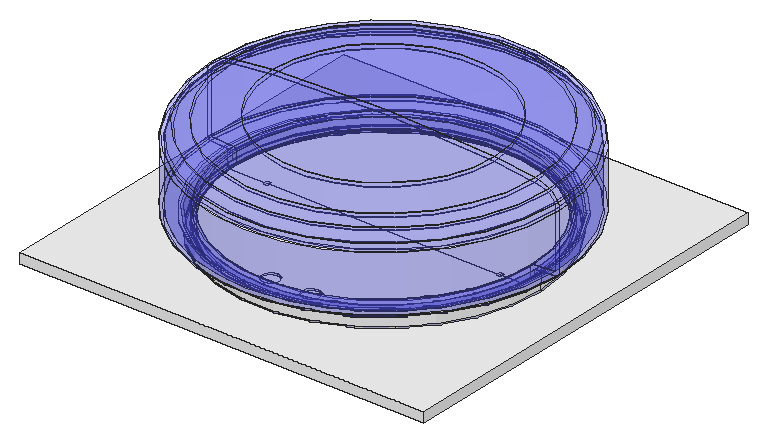
Revit family "BE_50035_de_DE", category Leuchten, Revit 2020
Family settings
  Basisbauteil = Fläche
  Bemaßung runder Anschluss = Durchmesser verwenden
  Teiletyp = Normal
  Beim Laden mit Abzugskörper schneiden = Ja
  Lichtquelle = Ja
  Gemeinsam genutzt = Nein
  Raumberechnungspunkt = Ja
Parameters (values of type "BEGA_50035_K4")
  built-in parameter 1150104 = 11.585 (stored number, unit not read)
  Wattage = 16.8 W
  Default Elevation = 0 mm
  built-in parameter 1150113 = 1 (stored number, unit not read)
  built-in parameter 1114218 = 1 (stored number, unit not read)
  Umgebungstemperatur = "25 °C"
  URL = "https://www.bega.com/de/produkt/50035"
  Typenkommentare = "© 2022 BEGA. Wir behalten uns das Recht vor, technische Änderungen ohne vorherige Ankündigung vorzunehmen."  # constant formula
  built-in parameter 1150134 = (empty or 0)
  built-in parameter 1150109 = 1 (stored number, unit not read)
  Strom = ""
  built-in parameter 1150110 = 1 (stored number, unit not read)
  Spannung = 239.996 V
  Sonderanfertigung = no
  Seriennummer [instance] = "Hier können Sie die eindeutige Seriennummer für das Facility Management eintragen."
  Schutzklasse = "I"
  Schutzart = "IP 20"
  Scheinlast = 0 VA
  Produktdatenblatt = "http://www.bega.de/download/Xrfa/db/50035.db.de.pdf"
  Oberflächentemperatur = ""
  Neigungswinkel = 0.00°
  Model = "50035K2"
  Material_17 = BEGA_Reflektor
  Material_15 = BEGA_Leuchtmedium_matt
  Material_11 = BEGA_Glas_opal
  Material_09 = BEGA_Glas_klar
  Material_06 = BEGA_Oberfläche_Edelstahl_gebürstet
  Material_03 = BEGA_Oberfläche_Weiss_matt
  Material_02 = BEGA_Oberfläche_Silber_matt
  Material_01 [instance] = BEGA_Oberfläche_Grafit_matt
  M_W = no
  M_G = no
  M_A = no
  Logo = 0
  built-in parameter 1114217 = 1 (stored number, unit not read)
  built-in parameter 1150139 = (empty or 0)
  built-in parameter 1150105 = 446.55 (stored number, unit not read)
  built-in parameter 1150114 = 1 (stored number, unit not read)
  Lumens = 2094.96 lm
  built-in parameter 1150115 = 1 (stored number, unit not read)
  Leuchtenlichtstrom = "1277 lm"
  Leuchtenanzahl = ""
  Lebensdauerkriterien = "L70B50 @ 25 °C = 328000 h"
  Lastklassifizierung = Beleuchtung
  built-in parameter 1150112 = 1 (stored number, unit not read)
  Lampenlichtstrom = "2095 lm"
  Lamp = "LED 16.8 W"
  LED_Modulbezeichnung = "LED-0511/927"
  Hersteller = "BEGA"  # constant formula
  Halbstreuwinkel = ""
  Gewicht = "3.25 kg"
  Gebrauchslageneinschränkung [instance] = ""
  Frequenz = "0/50-60 Hz"
  Farbwiedergabeindex = "CRI > 90"
  Farbtemperaturverschiebung bei Dämpfen der Lampe = <Keine Auswahl>
  Farbtemperatur = "2700 K"
  Color Filter = 16777215
  built-in parameter 1150133 = 10 (stored number, unit not read)
  Energieeffizienzklasse = "LED A++ - A"
  built-in parameter 1150137 = (empty or 0)
  built-in parameter 1150132 = (empty or 0)
  ENEC = "ja"
  Dimmbar [instance] = "DALI"
  Photometric Web File = "BE_50035K2.IES"
  CE_Konformität = "ja"
  Bestellnummer = "50035K2"
  Beschreibung_Sonderanfertigung = "Hier können Sie Informationen zur Sonderanfertigung eintragen."
  Beschreibung = "Decken- und Wandleuchte"
  built-in parameter 1150106 = 4.4655 (stored number, unit not read)
  Befestigungsbohrung = "Ø 5,5 mm"
  Befestigungsabstand = "230 mm"
  Ballwurfsicher = ""
  BEGA_Intern_aus = yes
  BEGA_Intern_an = yes
  BEGA_Intern_Konstruktion = yes
  BEGA_Intern = yes
  BEGA_IES = yes
  BEGA_Dummy = no
  Anschlussleitung = ""
  Anschlussleistung [instance] = "20 W"
  Anschlusskasten = ""
  built-in parameter 1150107 = 2700 (stored number, unit not read)
  built-in parameter 1150102 = (empty or 0)
  built-in parameter 1150138 = (empty or 0)
  Aktualisierung = "2020-05-11T04:00:10"
  Abstand_zur_angestrahlten_Fläche [instance] = ""
  AC/DC = "AC/DC"
Types (3, lengths in mm): name | built-in parameter 1150104 | built-in parameter 1150134 | Model | built-in parameter 1150105 | Lumens | Leuchtenlichtstrom | Lampenlichtstrom | LED_Modulbezeichnung | Farbtemperatur | Photometric Web File | Bestellnummer | built-in parameter 1150106 | built-in parameter 1150107
  BEGA_50035_K4 | 12.077 (stored number, unit not read) | 12 | "50035K4" | 173.8 (stored number, unit not read) | 2184 lm | "1332 lm" | "2185 lm" | "LED-0511/940" | "4000 K" | "BE_50035K4.IES" | "50035K4" | 1.738 (stored number, unit not read) | 4000 (stored number, unit not read)
  BEGA_50035_K3 | 11.669 (stored number, unit not read) | (empty or 0) | "50035K3" | 449.72 (stored number, unit not read) | 2110.08 lm | "1287 lm" | "2110 lm" | "LED-0511/930" | "3000 K" | "BE_50035K3.IES" | "50035K3" | 4.4972 (stored number, unit not read) | 3000 (stored number, unit not read)
  BEGA_50035_K27 | 12.077 (stored number, unit not read) | 12 | "50035K27" | 173.8 (stored number, unit not read) | 2184 lm | "1277 lm" | "2095 lm" | "LED-0511/927" | "2700 K" | "BE_50035K27.IES" | "50035K27" | 1.738 (stored number, unit not read) | 4000 (stored number, unit not read)
Reference planes
  plane 1 "Mitte (Vorne/Hinten)": y = 0
  plane 2: z = 0
  plane 3 "Mitte (Links/Rechts)": x = 0
  plane 4 "Links": x = -174
  plane 5 "Rechts": x = 174
  plane 6 "Unten": y = -174
  plane 7 "Oben": y = 174
  plane 8 "Vorne": z = 109.9
  plane 9 "Hinten": z = 0
Forms (mm)
  Extrusion 1, solid, material "BEGA_Platte_Weiss"
    sketch origin (0, -1119.2, 0) x (1, 0, 0) y (0, 1, 0)
      loop
        line (-200, 1319.2) -> (-200, 919.2) -> (200, 919.2) -> (200, 1319.2) -> (-200, 1319.2)
    from 0 to -10
  Extrusion 2, solid, material "BEGA_Dummy_matt", visible <- "BEGA_Dummy"
    sketch origin (77.149, -76.023, 0) x (1, 0, 0) y (0, 1, 0)
      loop
        circle (-77.149, 76.023) r 174
    from 0 to 109.9
Dimensions and locks
  plane 1 "Mitte (Vorne/Hinten)" to Extrusion 1 = 200 mm
  aligned and locked: plane 2 to Extrusion 1
  aligned and locked: level to Extrusion 1
Nested families
  nested 1: "BE_50035" at (0, 0, 0) x (0, -1, 0) z (0, 0, 1), type "BE_50035"
Connectors
  electrical at (0, 0, 0), driven by "Lastklassifizierung", driven by "Spannung", driven by "Scheinlast"
    settings: index 1, voltage 239.996 V, apparent load 0 VA, apparent load phase1 0 VA, apparent load phase2 0 VA, apparent load phase3 0 VA, power factor 1, load classification "Beleuchtung", number of poles 1, system type 31, power factor state 1, is connector primary yes, connector utility no, sub classification motor no, connector description ""
Definition of nested family "BE_50035"
  Parameters (values of type "BE_50035")
    Default Elevation = 1 mm
    URL = "http://www.bega.de/de/produkt"
    Type Comments = "© 2015 BEGA. Wir behalten uns das Recht vor, technische Änderungen ohne vorherige Ankündigung vorzunehmen. "  # constant formula
    Type Image = (empty or 0)
    Neigungswinkel_um_Z2 = 0.00°
    Neigungswinkel_um_Z1 = 0.00°
    Neigungswinkel_um_Y2 = 0.00°
    Neigungswinkel_um_Y1 = 0.00°
    Neigungswinkel_um_X2 = 0.00°
    Neigungswinkel_um_X1 = 0.00°
    Material_17 = none
    Material_15 = none
    Material_11 = none
    Material_09 = none
    Material_06 = none
    Material_05 = none
    Material_03 = none
    Material_02 = none
    Material_01 = none
    M_W = yes
    M_G = yes
    M_A = yes
    Länge_Platte = 400 mm  # constant formula
    Höhe_Platte = -10 mm  # constant formula
    Manufacturer = "BEGA"  # constant formula
    Drehwinkel_um_Z2 = 0.00°
    Drehwinkel_um_Z1 = 0.00°
    Breite_Platte = 400 mm  # constant formula
  Reference planes
    plane 1 "Mitte (Oben/Unten)": y = 0
    plane 2: z = 0
    plane 3 "Mitte (Links/Rechts)": x = 0
    plane 4: y = 174
    plane 5: z = 109.9
    plane 6: y = -174
    plane 7: x = -174
    plane 8: x = 174
  Forms (mm)
    Extrusion 1, solid, detail levels medium
      sketch origin (0, 0, 0) x (1, 0, 0) y (0, 1, 0)
        loop
          line (-200, 200) -> (-200, -200) -> (200, -200) -> (200, 200) -> (-200, 200)
      from 0 to -10 <- "Höhe_Platte"
    Revolve 2, solid, material <- "Material_03", detail levels medium+fine
      sketch origin (0, 0, 0) x (0, 1, 0) y (0, 0, 1)
        loop
          line (159, 19.8) -> (159, 20.8) -> (156.831, 20.8)
          arc (156.831, 20.8) -> (155.563, 20.284) -> (155.024, 19.025) r 1.8
          line (155.024, 19.025) -> (154.767, 4.283)
          arc (154.767, 4.283) -> (154.468, 3.587) -> (153.767, 3.3) r 1
          line (153.767, 3.3) -> (0, 3.3) -> (0, 2.3) -> (153.767, 2.3)
          arc (153.767, 2.3) -> (155.169, 2.873) -> (155.767, 4.265) r 2
          line (155.767, 4.265) -> (156.024, 19.01)
          arc (156.024, 19.01) -> (156.264, 19.571) -> (156.829, 19.8) r 0.8
          line (156.829, 19.8) -> (159, 19.8)
        axis (0, 2.3) -> (0, 20.8)
      angle from 0 to 360
    Revolve 3, solid, material <- "Material_03", detail levels medium+fine
      sketch origin (0, 0, 0) x (0, 1, 0) y (0, 0, 1)
        loop
          arc (124.13, 1.943) -> (124.474, 2.206) -> (124.896, 2.3) r 1
          line (124.896, 2.3) -> (125.896, 3.3) -> (117.75, 3.3) -> (117.75, 0) -> (121.108, 0)
          arc (121.108, 0) -> (122.369, 0.281) -> (123.395, 1.067) r 3
          line (123.395, 1.067) -> (124.13, 1.943)
        axis (115, 3.3) -> (115, 0)
      angle from 0 to 360
    Extrusion 4, void
      sketch origin (0, 0, 0) x (1, 0, 0) y (0, 1, 0)
        loop
          circle (115, 20) r 8.5
        loop
          circle (0, 115) r 2.75
        loop
          circle (0, -115) r 2.75
        loop
          circle (115, -20) r 8.5
      from 0 to 7.205
    Revolve 5, solid, material <- "Material_11", detail levels medium+fine
      sketch origin (0, 0, 0) x (0, 1, 0) y (0, 0, 1)
        loop
          arc (150.036, 101.343) -> (130.076, 104.141) -> (110.006, 106.001) r 430
          arc (110.006, 106.001) -> (55.038, 108.925) -> (0, 109.9) r 1553.99
          line (0, 109.9) -> (0, 105.9)
          arc (0, 105.9) -> (54.9, 104.927) -> (109.731, 102.01) r 1549.989
          arc (109.731, 102.01) -> (129.596, 100.17) -> (149.352, 97.401) r 426
          arc (149.352, 97.401) -> (156.196, 95.732) -> (162.704, 93.037) r 46
          arc (162.704, 93.037) -> (166.507, 90.109) -> (168.988, 86) r 13
          arc (168.988, 86) -> (169.743, 83.257) -> (170, 80.424) r 16
          line (170, 80.424) -> (170, 25.506) -> (148.791, 24.394)
          arc (148.791, 24.394) -> (146.425, 23.461) -> (145.1, 21.289) r 4
          line (145.1, 21.289) -> (145.1, 11.074)
          arc (145.1, 11.074) -> (145.5, 9.577) -> (146.592, 8.479) r 3.001
          line (146.592, 8.479) -> (148.263, 7.514)
          arc (148.263, 7.514) -> (149.358, 6.407) -> (149.75, 4.9) r 3.002
          line (149.75, 4.9) -> (153.75, 4.9) -> (153.75, 8.384)
          arc (153.75, 8.384) -> (153.617, 8.887) -> (153.25, 9.256) r 1
          line (153.25, 9.256) -> (149.499, 11.421)
          arc (149.499, 11.421) -> (149.133, 11.787) -> (148.999, 12.287) r 1
          line (148.999, 12.287) -> (149, 19.451)
          arc (149, 19.451) -> (149.272, 20.136) -> (149.94, 20.449) r 1
          line (149.94, 20.449) -> (171.157, 21.561)
          arc (171.157, 21.561) -> (173.176, 22.492) -> (174, 24.557) r 3
          line (174, 24.557) -> (174, 80.418)
          arc (174, 80.418) -> (173.68, 83.965) -> (172.735, 87.4) r 20
          arc (172.735, 87.4) -> (169.48, 92.785) -> (164.489, 96.617) r 17
          arc (164.489, 96.617) -> (157.443, 99.532) -> (150.036, 101.343) r 50
        axis (0, 109.9) -> (0, 4.9)
      angle from 0 to 360
    Revolve 6, solid, material <- "Material_03", detail levels medium+fine
      sketch origin (0, 0, 0) x (0, -1, 0) y (0, 0, 1)
        loop
          arc (124.13, 1.943) -> (124.474, 2.206) -> (124.896, 2.3) r 1
          line (124.896, 2.3) -> (125.896, 3.3) -> (117.75, 3.3) -> (117.75, 0) -> (121.108, 0)
          arc (121.108, 0) -> (122.369, 0.281) -> (123.395, 1.067) r 3
          line (123.395, 1.067) -> (124.13, 1.943)
        axis (115, 3.3) -> (115, 0)
      angle from 0 to 360
  Cuts and joins
    Extrusion 4 cuts Revolve 2
    Extrusion 4 cuts Revolve 3
    joined: Revolve 2, Revolve 3, Revolve 6
  Dimensions and locks
    equal spacing: Extrusion 1 sketch curve, plane 3 "Mitte (Links/Rechts)", Extrusion 1 sketch curve
    equal spacing: Extrusion 1 sketch curve, plane 1 "Mitte (Oben/Unten)", Extrusion 1 sketch curve
    "Länge_Platte": Extrusion 1 sketch curve to Extrusion 1 sketch curve
    "Breite_Platte": Extrusion 1 sketch curve to Extrusion 1 sketch curve
    aligned and locked: plane 2 to Extrusion 1
    aligned and locked: level to Extrusion 1
  Automatic sketch dimensions
    Revolve 2 sketch curve to Revolve 2 sketch curve = 0 mm  (x10)
    Revolve 2 sketch curve to plane 1 "Mitte (Oben/Unten)" = 0 mm  (x2)
    level to Revolve 2 sketch curve = 4.3 mm
    level to Revolve 2 sketch curve = 4.283 mm
    Revolve 2 sketch curve to Revolve 2 sketch curve = 1 mm  (x4)
    Revolve 2 sketch curve to Revolve 2 sketch curve = 0.257 mm
    level to Revolve 2 sketch curve = 4.265 mm
    Revolve 2 sketch curve to Revolve 2 sketch curve = 0.8 mm
    Revolve 2 sketch curve to Revolve 2 sketch curve = 0.004 mm
    Revolve 2 sketch curve to Revolve 2 sketch curve = 0.002 mm
    Revolve 2 sketch curve to Revolve 2 sketch curve = 2.169 mm
    Revolve 2 sketch curve to Revolve 2 sketch curve = 14.735 mm
    Revolve 2 sketch curve to Revolve 2 sketch curve = 0.01 mm
    Revolve 2 sketch curve to Revolve 2 sketch curve = 0.015 mm
    Revolve 2 sketch curve to Revolve 2 sketch curve = 4 mm
    Revolve 3 sketch curve to level = 0 mm
    level to Revolve 3 sketch curve = 3.3 mm
    Revolve 3 sketch curve to Revolve 3 sketch curve = 3.351 mm
    Revolve 3 sketch curve to Revolve 3 sketch curve = 0.007 mm
    level to Revolve 3 sketch curve = 1.067 mm
    level to Revolve 3 sketch curve = 1.3 mm
    Revolve 3 sketch curve to Revolve 3 sketch curve = 1 mm  (x2)
    Revolve 3 sketch curve to Revolve 3 sketch curve = 2.75 mm
    Revolve 3 sketch curve to Revolve 3 sketch curve = 0.766 mm
    Revolve 3 sketch curve to Revolve 3 sketch curve = 0 mm  (x3)
    Revolve 3 sketch curve to level = 2.001 mm
    Revolve 3 sketch curve to Revolve 3 sketch curve = 2 mm
    Revolve 6 sketch curve to level = 0 mm
    Revolve 6 sketch curve to level = 3.3 mm
    Revolve 6 sketch curve to Revolve 6 sketch curve = 3.351 mm
    Revolve 6 sketch curve to Revolve 6 sketch curve = 0.007 mm
    Revolve 6 sketch curve to level = 1.067 mm
    Revolve 6 sketch curve to level = 1.3 mm
    Revolve 6 sketch curve to Revolve 6 sketch curve = 1 mm  (x2)
    Revolve 6 sketch curve to Revolve 6 sketch curve = 2.75 mm
    Revolve 6 sketch curve to Revolve 6 sketch curve = 0.766 mm
    Revolve 6 sketch curve to Revolve 6 sketch curve = 0 mm  (x3)
    level to Revolve 6 sketch curve = 2.001 mm
    Revolve 6 sketch curve to Revolve 6 sketch curve = 2 mm
    Extrusion 4 sketch curve to plane 3 "Mitte (Links/Rechts)" = 0 mm  (x2)
    plane 1 "Mitte (Oben/Unten)" to Extrusion 4 sketch curve = 20 mm
    Extrusion 4 sketch curve to plane 1 "Mitte (Oben/Unten)" = 20 mm
    Revolve 5 sketch curve to Revolve 5 sketch curve = 0 mm  (x33)
    plane 1 "Mitte (Oben/Unten)" to Revolve 5 sketch curve = 0.01 mm
    plane 1 "Mitte (Oben/Unten)" to Revolve 5 sketch curve = 0 mm
    level to Revolve 5 sketch curve = 8.479 mm
    Revolve 5 sketch curve to Revolve 5 sketch curve = 1.492 mm
    Revolve 5 sketch curve to Revolve 5 sketch curve = 0.156 mm
    Revolve 5 sketch curve to Revolve 5 sketch curve = 1.509 mm
    level to Revolve 5 sketch curve = 7.514 mm
    Revolve 5 sketch curve to Revolve 5 sketch curve = 1.671 mm
    Revolve 5 sketch curve to Revolve 5 sketch curve = 3.9 mm
    level to Revolve 5 sketch curve = 11.421 mm
    Revolve 5 sketch curve to Revolve 5 sketch curve = 1.397 mm
    Revolve 5 sketch curve to Revolve 5 sketch curve = 3.001 mm
    Revolve 5 sketch curve to Revolve 5 sketch curve = 0.94 mm
    Revolve 5 sketch curve to Revolve 5 sketch curve = 1 mm  (x3)
    Revolve 5 sketch curve to Revolve 5 sketch curve = 0.501 mm
    Revolve 5 sketch curve to Revolve 5 sketch curve = 3.251 mm
    Revolve 5 sketch curve to Revolve 5 sketch curve = 2.81 mm
    Revolve 5 sketch curve to Revolve 5 sketch curve = 20.06 mm
    Revolve 5 sketch curve to Revolve 5 sketch curve = 4 mm  (x2)
    Revolve 5 sketch curve to Revolve 5 sketch curve = 2.591 mm
    Revolve 5 sketch curve to level = 322.977 mm
    Revolve 5 sketch curve to Revolve 5 sketch curve = 1121.112 mm
    Revolve 5 sketch curve to Revolve 5 sketch curve = 0.001 mm
    Revolve 5 sketch curve to Revolve 5 sketch curve = 3.485 mm
    Revolve 5 sketch curve to Revolve 5 sketch curve = 0.005 mm
    Revolve 5 sketch curve to Revolve 5 sketch curve = 0.348 mm
    Revolve 5 sketch curve to Revolve 5 sketch curve = 0.866 mm
    Revolve 5 sketch curve to Revolve 5 sketch curve = 7.164 mm
    Revolve 5 sketch curve to Revolve 5 sketch curve = 0.049 mm
    Revolve 5 sketch curve to Revolve 5 sketch curve = 0.889 mm
    Revolve 5 sketch curve to Revolve 5 sketch curve = 4.108 mm
    Revolve 5 sketch curve to Revolve 5 sketch curve = 0.949 mm
    Revolve 5 sketch curve to Revolve 5 sketch curve = 28.392 mm
    Revolve 5 sketch curve to Revolve 5 sketch curve = 0.006 mm
    Revolve 5 sketch curve to Revolve 5 sketch curve = 1.05 mm
    Revolve 5 sketch curve to Revolve 5 sketch curve = 0.275 mm
    Revolve 5 sketch curve to Revolve 5 sketch curve = 0.209 mm
    Revolve 5 sketch curve to Revolve 5 sketch curve = 0.5 mm  (x2)
    Revolve 5 sketch curve to Revolve 5 sketch curve = 0.683 mm
    level to Revolve 5 sketch curve = 9.256 mm
    Revolve 5 sketch curve to Revolve 5 sketch curve = 5.894 mm
    Revolve 5 sketch curve to Revolve 5 sketch curve = 1.785 mm
    Revolve 5 sketch curve to Revolve 5 sketch curve = 1.012 mm
    Revolve 5 sketch curve to Revolve 5 sketch curve = 0.157 mm
    level to Revolve 5 sketch curve = 21.561 mm
    Revolve 5 sketch curve to Revolve 5 sketch curve = 3.747 mm
    Revolve 5 sketch curve to Revolve 5 sketch curve = 27.614 mm
    Revolve 5 sketch curve to Revolve 5 sketch curve = 1.032 mm
    level to Revolve 5 sketch curve = 105.9 mm
    Revolve 5 sketch curve to Revolve 5 sketch curve = 13.352 mm
    Revolve 5 sketch curve to Revolve 5 sketch curve = 40 mm
    plane 3 "Mitte (Links/Rechts)" to Extrusion 4 sketch curve = 115 mm
    Extrusion 4 sketch curve to Extrusion 4 sketch curve = 0 mm
    plane 4 to Revolve 2 sketch curve = 20.233 mm
    plane 4 to Revolve 3 sketch curve = 56.25 mm
    Revolve 3 sketch curve to Revolve 3 sketch curve = 2.287 mm
    Revolve 3 sketch curve to Revolve 3 sketch curve = 1.501 mm
    plane 4 to Extrusion 4 sketch curve = 59 mm
    Revolve 5 sketch curve to plane 4 = 0 mm
    Revolve 5 sketch curve to plane 1 "Mitte (Oben/Unten)" = 80.374 mm
    Revolve 5 sketch curve to Revolve 5 sketch curve = 6.887 mm
    Revolve 5 sketch curve to Revolve 5 sketch curve = 14.988 mm
    plane 5 to Revolve 5 sketch curve = 7.89 mm
    plane 6 to Extrusion 4 sketch curve = 59 mm
    Revolve 6 sketch curve to plane 6 = 56.25 mm
    Revolve 6 sketch curve to Revolve 6 sketch curve = 2.287 mm
    Revolve 6 sketch curve to Revolve 6 sketch curve = 1.501 mm
    radius of Extrusion 4 sketch curve = 8.5 mm  (x2)
    radius of Extrusion 4 sketch curve = 2.75 mm  (x2)
